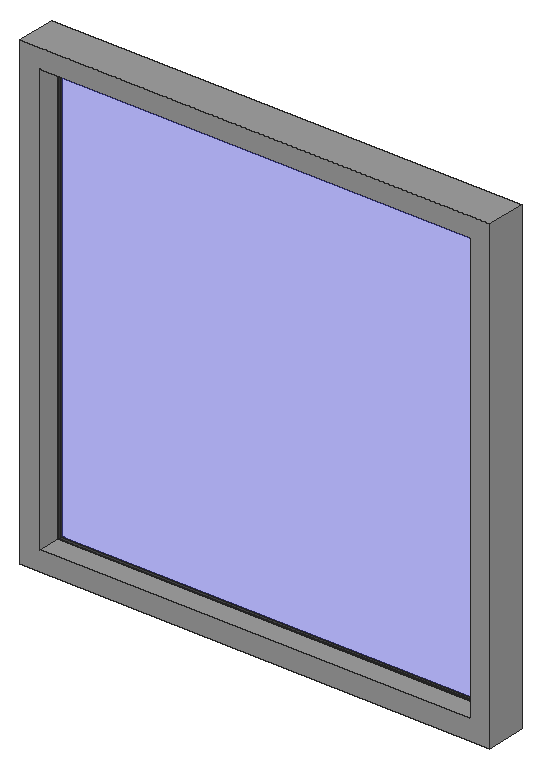
Revit family "ZS-2750 OC001", category Windows, host Wall, Revit 2015
Parameters
  Wall Thickness [instance] = 0' - 6"
  URL = "obe.com"
  Rough Width = Width + 0' 0 1/4"  # 3' - 0 1/4"
  Rough Height = Height + 0' 0 1/4"  # 3' - 0 1/4"
  Offset Limitation [instance] = if((Offset + 0' 3 1/64") > Wall Thickness, (Wall Thickness - 0' 3 1/64"), Offset)  # 0' - 0"
  Offset [instance] = 0' - 0"
  Model = "ZS-2750 OC001"
  Manufacturer = "Oldcastle BuildingEnvelope®"
  Keynote = "08 51 00"
  Height = 3' - 0"
  Glass Material = Glass
  Gasket Material = Gasket
  Frame Material = Aluminum
  Description = "ZERO SIGHTLINE 2750"
  Default Sill Height = 3' - 0"
  Wall Closure = By host
  Width = 3' - 0"
  Construction Type = ""
  Assembly Code = "B2020"
Reference planes (in)
  plane 1 "Center (Front/Back)": y = 0
  plane 2: z = 0
  plane 3 "Center (Left/Right)": x = 0
  plane 4 "Left": x = -18.125
  plane 5 "Right": x = 18.125
  plane 6 "Sill": z = 36
  plane 7 "Top": z = 72.25
  plane 8: x = 18
  plane 9: x = -18
  plane 10: z = 72.125
  plane 11: z = 36.125
  plane 12 "Offset": y = 3
  plane 13: z = 36.656875
  plane 14: z = 71.593125
  plane 15: z = 54.125
Forms (in)
  Sweep 1, solid, material "Aluminum" <- "Frame Material"
    path origin (0, 3, 0) x (-1, 0, 0) y (0, 0, 1)
      loop
        line (18, 72.25) -> (18, 36)
    profile origin (-18, 3, 54.125) x (0, 1, 0) y (-1, 0, 0)
      loop
        line (-3.0158393, 0.125) -> (-3.0158393, -1.389875) -> (-2.6138393, -1.389875) -> (-2.6138393, -0.281) -> (-1.7038393, -0.281) -> (-1.7038393, 0.125) -> (-3.0158393, 0.125)
  Sweep 2, solid, material "Aluminum" <- "Frame Material"
    path origin (0, 3, 0) x (1, 0, 0) y (0, 0, 1)
      loop
        line (18, 72.25) -> (18, 36)
    profile origin (18, 3, 54.125) x (0, 1, 0) y (-1, 0, 0)
      loop
        line (-3.0158393, -0.125) -> (-1.7038393, -0.125) -> (-1.7038393, 0.281) -> (-2.6138393, 0.281) -> (-2.6138393, 1.389875) -> (-3.0158393, 1.389875) -> (-3.0158393, -0.125)
  Sweep 3, solid, material "Aluminum" <- "Frame Material"
    path origin (0, 3, 0) x (-1, 0, 0) y (0, 0, 1)
      loop
        line (-18.125, 72.125) -> (18.125, 72.125)
    profile origin (0, 3, 72.125) x (0, 0, 1) y (0, 1, 0)
      loop
        line (0.125, -3.0158393) -> (0.125, -1.7032049) -> (-0.2813401, -1.7032049) -> (-0.2813401, -2.6138393) -> (-1.389875, -2.6138393) -> (-1.389875, -3.0158393) -> (0.125, -3.0158393)
  Sweep 4, solid, material "Aluminum" <- "Frame Material"
    path origin (0, 3, 127.7706855) x (-1, 0, 0) y (0, 0, -1)
      loop
        line (-18.125, 91.6456855) -> (18.125, 91.6456855)
    profile origin (0, 3, 36.125) x (0, 0, 1) y (0, 1, 0)
      loop
        line (-0.125, -3.0158393) -> (1.389875, -3.0158393) -> (1.389875, -2.6138393) -> (0.281, -2.6138393) -> (0.281, -1.7038393) -> (-0.125, -1.7038393) -> (-0.125, -3.0158393)
  Extrusion 5, solid, material "Glass" <- "Glass Material", detail levels coarse
    sketch origin (0, 0, 36) x (0, -1, 0) y (1, 0, 0)
      loop
        line (-2, 17.468125) -> (-3, 17.468125) -> (-3, -17.468125) -> (-2, -17.468125) -> (-2, 17.468125)
    from 0.656875 to 35.593125
  Sweep 6, solid, material "Gasket" <- "Gasket Material", detail levels fine
    path origin (0, 3, 0) x (-1, 0, 0) y (0, 0, 1)
      loop
        line (-16.610125, 70.735125) -> (-16.610125, 37.514875) -> (16.610125, 37.514875) -> (16.610125, 70.735125) -> (-16.610125, 70.735125)
    profile origin (0, 3, 70.735125) x (0, 0, 1) y (0, 1, 0)
      loop
        line (-0.0099489, -1.25) -> (0.2780511, -1.25) -> (0.1436625, -1.0155)
        arc (0.1436625, -1.0155) -> (0.1323157, -1.0041532) -> (0.1168157, -1) r 0.031
        line (0.1168157, -1) -> (-0.0319113, -1)
        arc (-0.0319113, -1) -> (-0.0556117, -1.0110177) -> (-0.0624653, -1.0362393) r 0.031
        line (-0.0624653, -1.0362393) -> (-0.0498891, -1.2903615)
        arc (-0.0498891, -1.2903615) -> (-0.0357439, -1.312194) -> (-0.0099489, -1.3155644) r 0.031
        line (-0.0099489, -1.3155644) -> (-0.0099489, -1.25)
  Sweep 7, solid, material "Aluminum" <- "Frame Material"
    path origin (0, 3, 0) x (-1, 0, 0) y (0, 0, 1)
      loop
        line (-18.125, 72.25) -> (18.125, 72.25)
    profile origin (0, 3, 72.25) x (0, 0, 1) y (0, 1, 0)
      loop
        line (0, 0) -> (-0.656875, 0) -> (-0.656875, -1.25493) -> (-1.514875, -1.25493) -> (-1.514875, -2.6138393) -> (-1.077875, -2.6138393) -> (-1.077875, -1.7038393) -> (0, -1.7038393) -> (0, 0)
  Sweep 8, solid, material "Aluminum" <- "Frame Material"
    path origin (0, 3, 0) x (-1, 0, 0) y (0, 0, 1)
      loop
        line (-18.125, 36) -> (18.125, 36)
    profile origin (0, 3, 36) x (0, 0, 1) y (0, 1, 0)
      loop
        line (0, 0) -> (0, -1.7038393) -> (1.077875, -1.7038393) -> (1.077875, -2.6138393) -> (1.514875, -2.6138393) -> (1.514875, -1.25493) -> (0.656875, -1.25493) -> (0.656875, 0) -> (0, 0)
  Sweep 9, solid, material "Aluminum" <- "Frame Material"
    path origin (0, 3, 0) x (-1, 0, 0) y (0, 0, 1)
      loop
        line (18.125, 72.25) -> (18.125, 36)
    profile origin (-18.125, 3, 54.125) x (0, 1, 0) y (-1, 0, 0)
      loop
        line (0, -0.656875) -> (0, 0) -> (-1.7038393, 0) -> (-1.7038393, -1.077875) -> (-2.6138393, -1.077875) -> (-2.6138393, -1.514875) -> (-1.25493, -1.514875) -> (-1.25493, -0.656875) -> (0, -0.656875)
  Sweep 10, solid, material "Aluminum" <- "Frame Material"
    path origin (0, 3, 0) x (-1, 0, 0) y (0, 0, 1)
      loop
        line (-18.125, 36) -> (-18.125, 72.25)
    profile origin (18.125, 3, 54.125) x (1, 0, 0) y (0, 1, 0)
      loop
        line (-1.514875, -1.25493) -> (-1.514875, -2.6138393) -> (-1.077875, -2.6138393) -> (-1.077875, -1.7038393) -> (0, -1.7038393) -> (0, 0) -> (-0.656875, 0) -> (-0.656875, -1.25493) -> (-1.514875, -1.25493)
  Extrusion 11, solid, material "Glass" <- "Glass Material", detail levels medium+fine
    sketch origin (0, 0, 36) x (0, -1, 0) y (1, 0, 0)
      loop
        line (-3, -17.468125) -> (-2.75, -17.468125) -> (-2.75, 17.468125) -> (-3, 17.468125) -> (-3, -17.468125)
      loop
        line (-2.2373, -17.468125) -> (-2, -17.468125) -> (-2, 17.468125) -> (-2.2373, 17.468125) -> (-2.2373, -17.468125)
    from 0.656875 to 35.593125
Cuts and joins
  joined: Sweep 1, Sweep 2, Sweep 3, Sweep 4, Sweep 7, Sweep 8, Sweep 9, Sweep 10
Lines and regions (in)
  Opening 1
    outline origin (-60, -3, 0) x (1, 0, 0) y (0, 0, 1)
      loop
        line (41.875, 72.25) -> (41.875, 36) -> (78.125, 36) -> (78.125, 72.25) -> (41.875, 72.25)
  model lines, style "Opening Direction"
    curve 1: line (16.5470135, 3, 70.6720137) -> (-16.5476597, 3, 54.125)
    curve 2: line (-16.5476597, 3, 54.125) -> (16.5470137, 3, 37.5779865)
Text (in)
  text "EXTERIOR" at (-58.6887958, 50.9069435, 0), in view "Ref. Level"
  text "INTERIOR" at (-58.6887958, -52.7663834, 0), in view "Ref. Level"
  text "Exterior" at (0, 43.6563107, 123.1960383), in view "Left"
  text "Exterior" at (0, 18.2938457, 125.0474676), in view "Right"
Dimensions and locks (in)
  equal spacing: plane 4 "Left", plane 3 "Center (Left/Right)", plane 5 "Right"
  "Rough Width": plane 4 "Left" to plane 5 "Right"
  "Rough Height": plane 6 "Sill" to plane 7 "Top"
  "Default Sill Height": plane 2 to plane 6 "Sill"
  locked: plane 6 "Sill" to plane 11 at 0.125
  locked: plane 8 to plane 5 "Right" at 0.125
  "Height": plane 11 to plane 10
  "Width": plane 9 to plane 8
  "Wall Thickness": host wall to host wall
  "Offset Limitation": host wall to plane 12 "Offset"
  locked: plane 14 to plane 10 at 0.531875
  locked: plane 11 to plane 13 at 0.531875
  plane 12 "Offset" to Extrusion 5 sketch curve to Extrusion 5 sketch curve = 0' - 0" locked, 0' - 1" locked
  equal spacing: plane 6 "Sill", plane 15, plane 7 "Top"
  locked: plane 12 "Offset" to Extrusion 11 sketch curve at 0.25
  plane 12 "Offset" to Extrusion 11 sketch curve to Extrusion 11 sketch curve = 0' - 0.7627" locked, 0' - 0.2373" locked
  aligned and locked: plane 7 "Top" to Opening 1 sketch curve
  aligned and locked: plane 6 "Sill" to Opening 1 sketch curve  (x2)
  aligned and locked: plane 5 "Right" to Opening 1 sketch curve
  aligned and locked: plane 4 "Left" to Opening 1 sketch curve
  aligned and locked: level to plane 2
  aligned and locked: nested 2 to plane 11
  aligned and locked: Sweep 1 sketch curve to plane 9
  aligned and locked: Sweep 2 sketch curve to plane 8
  aligned and locked: plane 10 to Sweep 3 sketch curve
  aligned and locked: plane 11 to Sweep 4 sketch curve
  aligned and locked: plane 14 to Extrusion 5
  aligned and locked: Extrusion 5 to plane 13
  aligned and locked: plane 7 "Top" to Sweep 1 sketch curve
  aligned and locked: plane 6 "Sill" to Sweep 1 sketch curve
  aligned and locked: plane 6 "Sill" to Sweep 2 sketch curve
  aligned and locked: plane 7 "Top" to Sweep 2 sketch curve
  aligned and locked: plane 5 "Right" to Sweep 3 sketch curve
  aligned and locked: plane 4 "Left" to Sweep 3 sketch curve
  aligned and locked: plane 4 "Left" to Sweep 4 sketch curve
  aligned and locked: plane 5 "Right" to Sweep 4 sketch curve
  aligned and locked: nested 2 to nested 1
  aligned and locked: nested 2 to plane 12 "Offset"
  aligned and locked: plane 15 to curve 1
  aligned and locked: plane 3 "Center (Left/Right)" to nested 1
  aligned and locked: nested 1 to plane 12 "Offset"
  aligned and locked: plane 7 "Top" to Sweep 7 sketch curve
  aligned and locked: plane 6 "Sill" to Sweep 8 sketch curve
  aligned and locked: Sweep 9 sketch curve to plane 4 "Left"
  aligned and locked: plane 5 "Right" to Sweep 10 sketch curve
  aligned and locked: Extrusion 11 to plane 13
  aligned and locked: plane 14 to Extrusion 11
  aligned and locked: plane 7 "Top" to Sweep 10 sketch curve
  aligned and locked: plane 6 "Sill" to Sweep 10 sketch curve
  aligned and locked: plane 7 "Top" to Sweep 9 sketch curve
  aligned and locked: plane 6 "Sill" to Sweep 9 sketch curve
  aligned and locked: plane 4 "Left" to Sweep 7 sketch curve
  aligned and locked: plane 5 "Right" to Sweep 7 sketch curve
  aligned and locked: plane 4 "Left" to Sweep 8 sketch curve
  aligned and locked: plane 5 "Right" to Sweep 8 sketch curve
Automatic sketch dimensions
  Sweep 1 sketch curve to profile plane = 0' - 0 1/8"
  Sweep 1 sketch curve to plane 12 "Offset" = 0' - 3.01584"
  Sweep 1 sketch curve to Sweep 1 sketch curve = 0' - 0.402"
  Sweep 1 sketch curve to Sweep 1 sketch curve = 0' - 0.91"
  profile plane to Sweep 1 sketch curve = 0' - 0.281"
  Sweep 1 sketch curve to Sweep 1 sketch curve = 0' - 1.10887"
  profile plane to Sweep 2 sketch curve = 0' - 0 1/8"
  Sweep 2 sketch curve to plane 12 "Offset" = 0' - 3.01584"
  Sweep 2 sketch curve to Sweep 2 sketch curve = 0' - 0.402"
  Sweep 2 sketch curve to profile plane = 0' - 0.281"
  Sweep 2 sketch curve to Sweep 2 sketch curve = 0' - 0.91"
  Sweep 2 sketch curve to Sweep 2 sketch curve = 0' - 1.10887"
  profile plane to Sweep 3 sketch curve = 0' - 1.38987"
  profile plane to Sweep 3 sketch curve = 0' - 0.28134"
  Sweep 3 sketch curve to profile plane = 0' - 0 1/8"
  Sweep 3 sketch curve to plane 12 "Offset" = 0' - 3.01584"
  Sweep 3 sketch curve to Sweep 3 sketch curve = 0' - 0.402"
  Sweep 3 sketch curve to Sweep 3 sketch curve = 0' - 0.91063"
  profile plane to Sweep 4 sketch curve = 0' - 0 1/8"
  Sweep 4 sketch curve to profile plane = 0' - 0.281"
  Sweep 4 sketch curve to Sweep 4 sketch curve = 0' - 1.10887"
  Sweep 4 sketch curve to plane 12 "Offset" = 0' - 3.01584"
  Sweep 4 sketch curve to Sweep 4 sketch curve = 0' - 0.402"
  Sweep 4 sketch curve to Sweep 4 sketch curve = 0' - 0.91"
  Extrusion 5 sketch curve to plane 9 = 0' - 0.53187"
  plane 8 to Extrusion 5 sketch curve = 0' - 0.53188"
  plane 8 to Sweep 6 sketch curve = 0' - 1.38987"
  Sweep 6 sketch curve to plane 9 = 0' - 1.38987"
  plane 13 to Sweep 6 sketch curve = 0' - 0.858"
  Sweep 6 sketch curve to plane 14 = 0' - 0.858"
  profile plane to Sweep 6 sketch curve = 0' - 0.06247"
  profile plane to Sweep 6 sketch curve = 0' - 0.04989"
  Sweep 6 sketch curve to Sweep 6 sketch curve = 0' - 0.03055"
  profile plane to Sweep 6 sketch curve = 0' - 0.0192"
  profile plane to Sweep 6 sketch curve = 0' - 0.00995"
  Sweep 6 sketch curve to profile plane = 0' - 0.11682"
  Sweep 6 sketch curve to Sweep 6 sketch curve = 0' - 0.02685"
  Sweep 6 sketch curve to Sweep 6 sketch curve = 0' - 0.13439"
  Sweep 6 sketch curve to plane 12 "Offset" = 0' - 1.31556"
  Sweep 6 sketch curve to Sweep 6 sketch curve = 0' - 0.0252"
  Sweep 6 sketch curve to Sweep 6 sketch curve = 0' - 0.03598"
  Sweep 6 sketch curve to Sweep 6 sketch curve = 0' - 0.21376"
  Sweep 6 sketch curve to Sweep 6 sketch curve = 0' - 0.00524"
  Sweep 6 sketch curve to Sweep 6 sketch curve = 0' - 0.031"
  curve 2 to plane 9 = 0' - 1.45234"
  plane 8 to curve 1 = 0' - 1.45299"
  plane 8 to curve 2 = 0' - 1.45299"
  plane 13 to curve 2 = 0' - 0.92111"
  curve 1 to plane 14 = 0' - 0.92111"
  Sweep 7 sketch curve to plane 12 "Offset" = 0' - 0"
  Sweep 7 sketch curve to Sweep 7 sketch curve = 0' - 0.437"
  Sweep 7 sketch curve to Sweep 7 sketch curve = 0' - 1.07788"
  profile plane to Sweep 7 sketch curve = 0' - 0.65687"
  profile plane to Sweep 7 sketch curve = 0' - 0"
  Sweep 7 sketch curve to plane 12 "Offset" = 0' - 1.25493"
  Sweep 7 sketch curve to Sweep 7 sketch curve = 0' - 0.44891"
  Sweep 7 sketch curve to Sweep 7 sketch curve = 0' - 0.91"
  Sweep 8 sketch curve to plane 12 "Offset" = 0' - 0"
  Sweep 8 sketch curve to Sweep 8 sketch curve = 0' - 0.65688"
  Sweep 8 sketch curve to profile plane = 0' - 1.07788"
  Sweep 8 sketch curve to Sweep 8 sketch curve = 0' - 0.437"
  Sweep 8 sketch curve to plane 12 "Offset" = 0' - 1.25493"
  Sweep 8 sketch curve to Sweep 8 sketch curve = 0' - 0.44891"
  Sweep 8 sketch curve to Sweep 8 sketch curve = 0' - 0.91"
  Sweep 9 sketch curve to plane 12 "Offset" = 0' - 0"
  Sweep 9 sketch curve to plane 12 "Offset" = 0' - 1.25493"
  Sweep 9 sketch curve to Sweep 9 sketch curve = 0' - 0.44891"
  Sweep 9 sketch curve to Sweep 9 sketch curve = 0' - 0.91"
  Sweep 9 sketch curve to Sweep 9 sketch curve = 0' - 0.65687"
  profile plane to Sweep 9 sketch curve = 0' - 1.07788"
  Sweep 9 sketch curve to Sweep 9 sketch curve = 0' - 0.437"
  Sweep 10 sketch curve to plane 12 "Offset" = 0' - 0"
  Sweep 10 sketch curve to Sweep 10 sketch curve = 0' - 0.437"
  profile plane to Sweep 10 sketch curve = 0' - 0.65687"
  profile plane to Sweep 10 sketch curve = 0' - 0"
  Sweep 10 sketch curve to plane 12 "Offset" = 0' - 1.25493"
  Sweep 10 sketch curve to Sweep 10 sketch curve = 0' - 0.44891"
  Sweep 10 sketch curve to Sweep 10 sketch curve = 0' - 0.91"
  Extrusion 11 sketch curve to plane 12 "Offset" = 0' - 0"
  Extrusion 11 sketch curve to plane 9 = 0' - 0.53187"  (x2)
  plane 8 to Extrusion 11 sketch curve = 0' - 0.53187"  (x2)
  Sweep 8 sketch curve to Sweep 8 sketch curve = 0' - 0.421"
  Sweep 9 sketch curve to profile plane = 0' - 0"
  Sweep 10 sketch curve to Sweep 10 sketch curve = 0' - 1.07788"
Nested families (in)
  nested 1: "ZS-2750-Plan View" at (0, 3, 0), Default Sill Height <- "Default Sill Height", Height <- "Height", Width <- "Width", type "ZS-2750-Plan View"
    with Width 3' - 0", Height 3' - 0", Default Sill Height 3' - 0"
  nested 2: "ZS-2750-Section Operable" at (0, 3, 0.125), Default Sill Height <- "Default Sill Height", Height <- "Height", Width <- "Width", type "ZS-2750-Section Operable"
    with Width 3' - 0", Height 3' - 0", Default Sill Height 3' - 0"
Definition of nested family "ZS-2750-Plan View"
  Parameters (values of type "ZS-2750-Plan View")
    Width [instance] = 3' - 0"
    Height [instance] = 4' - 0"
    Default Sill Height [instance] = 3' - 0"
    Analytic Construction = "<None>"
  Reference planes (in)
    plane 1 "Center (Front/Back)": y = 0
    plane 2: z = 0
    plane 3 "Center (Left/Right)": x = 0
    plane 4: z = 36
  Lines and regions (in)
    model lines, not visible
      curve 1: line (0, 0, 84) -> (0, 0, 36)
  Dimensions and locks (in)
    "Default Sill Height": plane 4 to plane 2
    "Height": curve 1 to plane 4
    aligned and locked: plane 2 to level
    aligned and locked: plane 3 "Center (Left/Right)" to nested 1
    aligned and locked: plane 4 to curve 1
    aligned and locked: curve 1 to plane 1 "Center (Front/Back)"
    aligned and locked: plane 1 "Center (Front/Back)" to nested 1
  Nested families (in)
    nested 1: "ZS-2750-Plan View" at (-18, 0, 0), Width <- "Width", type "ZS-2750-Plan View"
      with Width 3' - 0"
  Definition of nested family "ZS-2750-Plan View"
    Parameters (values of type "ZS-2750-Plan View")
      Width [instance] = 3' - 0"
    Reference planes (in)
      plane 1 "Center (Front/Back)": y = 0
      plane 2: z = 0
      plane 3 "C": x = 0
      plane 4: x = 36
      plane 5: x = 0.531875
      plane 6: x = 35.468125
      plane 7 "Center (Left/Right)": x = 18
    Lines and regions (in)
      detail lines, in view "Ref. Level"
        curve 1: line (0.531875, 0, 0) -> (35.468125, 0, 0)
        curve 2: line (0.531875, -1, 0) -> (35.468125, -1, 0)
      detail lines, in view "Ref. Level", detail levels medium+fine
        curve 3: line (0.531875, -0.25, 0) -> (35.468125, -0.25, 0)
        curve 4: line (0.531875, -0.7627, 0) -> (35.468125, -0.7627, 0)
      detail lines, in view "Ref. Level", detail levels fine
        curve 5: line (0.531875, -0.06, 0) -> (35.468125, -0.06, 0)
        curve 6: line (0.531875, -0.12, 0) -> (35.468125, -0.12, 0)
        curve 7: line (0.531875, -0.18, 0) -> (35.468125, -0.18, 0)
        curve 8: line (0.531875, -0.8227, 0) -> (35.468125, -0.8227, 0)
        curve 9: line (0.531875, -0.8827, 0) -> (35.468125, -0.8827, 0)
        curve 10: line (0.531875, -0.9427, 0) -> (35.468125, -0.9427, 0)
    Dimensions and locks (in)
      locked: plane 6 to plane 4 at 0.531875
      locked: plane 3 "C" to plane 5 at 0.531875
      "Width": plane 3 "C" to plane 4
      equal spacing: plane 3 "C", plane 7 "Center (Left/Right)", plane 4
      aligned and locked: nested 1 to plane 4
      aligned and locked: nested 2 to plane 3 "C"
      aligned and locked: nested 2 to plane 1 "Center (Front/Back)"
      aligned and locked: nested 1 to plane 1 "Center (Front/Back)"
      aligned and locked: plane 5 to curve 1
      aligned and locked: plane 5 to curve 5
      aligned and locked: plane 5 to curve 6
      aligned and locked: plane 5 to curve 7
      aligned and locked: plane 5 to curve 3
      aligned and locked: plane 5 to curve 10
      aligned and locked: plane 5 to curve 2
      aligned and locked: plane 5 to curve 4
      aligned and locked: plane 5 to curve 8
      aligned and locked: plane 5 to curve 9
      aligned and locked: plane 6 to curve 1
      aligned and locked: plane 6 to curve 5
      aligned and locked: plane 6 to curve 6
      aligned and locked: plane 6 to curve 7
      aligned and locked: plane 6 to curve 3
      aligned and locked: plane 6 to curve 4
      aligned and locked: plane 6 to curve 8
      aligned and locked: plane 6 to curve 9
      aligned and locked: plane 6 to curve 10
    Automatic sketch dimensions
      curve 2 to plane 6 = 0' - 0"
      plane 1 "Center (Front/Back)" to curve 1 = 0' - 0"
      plane 1 "Center (Front/Back)" to curve 5 = 0' - 0.06"
      curve 6 to curve 5 = 0' - 0.06"
      curve 7 to curve 6 = 0' - 0.06"
      curve 3 to curve 7 = 0' - 0.07"
      curve 4 to curve 3 = 0' - 0.5127"
      curve 8 to curve 4 = 0' - 0.06"
      curve 9 to curve 8 = 0' - 0.06"
      curve 10 to curve 9 = 0' - 0.06"
      curve 2 to curve 10 = 0' - 0.0573"
    Nested families (in)
      nested 1: "ZS-2750-JAMB L" at (36, 0, 0) x (-1, 0, 0) z (0, 0, 1), type "ZS-2750-JAMB L", in view "Ref. Level"
      nested 2: "ZS-2750-JAMB R" at (0, 0, 0) x (-1, 0, 0) z (0, 0, 1), type "ZS-2750-JAMB R", in view "Ref. Level"
    Definition of nested family "ZS-2750-JAMB L"
      Reference planes (in)
        plane 1 "Center (Front/Back)": y = 0
        plane 2: z = 0
        plane 3 "Center (Left/Right)": x = 0
      Lines and regions (in)
        detail lines, in view "Ref. Level"
          curve 1: line (1.389875, 3.0158393, 0) -> (-0.125, 3.0158393, 0)
          curve 2: line (-0.125, 3.0158393, 0) -> (-0.125, 0, 0)
          curve 3: line (-0.125, 0, 0) -> (0.531875, 0, 0)
          curve 4: line (0.531875, 0, 0) -> (0.531875, 1, 0)
          curve 5: line (0.531875, 1, 0) -> (1.389875, 1, 0)
          curve 6: line (1.389875, 1, 0) -> (1.389875, 3.0158393, 0)
    Definition of nested family "ZS-2750-JAMB R"
      Reference planes (in)
        plane 1 "Center (Front/Back)": y = 0
        plane 2: z = 0
        plane 3 "Center (Left/Right)": x = 0
      Lines and regions (in)
        detail lines, in view "Ref. Level"
          curve 1: line (-1.389875, 3.0158393, 0) -> (0.125, 3.0158393, 0)
          curve 2: line (0.125, 3.0158393, 0) -> (0.125, 0, 0)
          curve 3: line (0.125, 0, 0) -> (-0.531875, 0, 0)
          curve 4: line (-0.531875, 0, 0) -> (-0.531875, 1, 0)
          curve 5: line (-0.531875, 1, 0) -> (-1.389875, 1, 0)
          curve 6: line (-1.389875, 1, 0) -> (-1.389875, 3.0158393, 0)
Definition of nested family "ZS-2750-Section Operable"
  Parameters (values of type "ZS-2750-Section Operable")
    Width [instance] = 3' - 0"
    Height [instance] = 4' - 0"
    Default Sill Height [instance] = 2' - 5.21443"
    Analytic Construction = "<None>"
  Reference planes (in)
    plane 1 "Center (Front/Back)": y = 0
    plane 2: z = 0
    plane 3 "Center (Left/Right)": x = 0
    plane 4: z = 29.2144347
  Lines and regions (in)
    model lines, not visible
      curve 1: line (-18, 0, 0) -> (18, 0, 0)
  Dimensions and locks (in)
    "Default Sill Height": plane 4 to plane 2
    equal spacing: curve 1, plane 3 "Center (Left/Right)", curve 1
    "Width": curve 1 to curve 1
    aligned and locked: plane 2 to level
    aligned and locked: plane 1 "Center (Front/Back)" to curve 1
    aligned and locked: nested 1 to plane 1 "Center (Front/Back)"
    aligned and locked: plane 4 to nested 1
  Nested families (in)
    nested 1: "ZSL-2750-Section Operable" at (0, 0, 77.2144347) x (0, -1, 0) z (1, 0, 0), Height <- "Height", type "ZSL-2750-Section Operable"
      with Height 4' - 0"
  Definition of nested family "ZSL-2750-Section Operable"
    Parameters (values of type "ZSL-2750-Section Operable")
      Height [instance] = 4' - 0"
    Reference planes (in)
      plane 1 "Center (Front/Back)": y = 0
      plane 2: z = 0
      plane 3 "Center (Left/Right)": x = 0
      plane 4: y = -48
      plane 5: y = -0.531875
      plane 6: y = -47.468125
    Lines and regions (in)
      detail lines, in view "Ref. Level"
        curve 1: line (0, -0.531875, 0) -> (0, -47.468125, 0)
        curve 10: line (1, -0.531875, 0) -> (1, -47.468125, 0)
      detail lines, in view "Ref. Level", detail levels fine
        curve 2: line (0.0573, -0.531875, 0) -> (0.0573, -47.468125, 0)
        curve 3: line (0.1173, -0.531875, 0) -> (0.1173, -47.468125, 0)
        curve 4: line (0.1773, -0.531875, 0) -> (0.1773, -47.468125, 0)
        curve 7: line (0.82, -0.531875, 0) -> (0.82, -47.468125, 0)
        curve 8: line (0.88, -0.531875, 0) -> (0.88, -47.468125, 0)
        curve 9: line (0.94, -0.531875, 0) -> (0.94, -47.468125, 0)
      detail lines, in view "Ref. Level", detail levels medium+fine
        curve 5: line (0.2373, -0.531875, 0) -> (0.2373, -47.468125, 0)
        curve 6: line (0.75, -0.531875, 0) -> (0.75, -47.468125, 0)
    Dimensions and locks (in)
      "Height": plane 4 to plane 1 "Center (Front/Back)"
      locked: plane 5 to plane 1 "Center (Front/Back)" at 0.531875
      locked: plane 4 to plane 6 at 0.531875
      aligned and locked: plane 1 "Center (Front/Back)" to nested 1
      aligned and locked: plane 4 to nested 2
      aligned and locked: plane 3 "Center (Left/Right)" to nested 2
      aligned and locked: plane 3 "Center (Left/Right)" to nested 1
      aligned and locked: plane 5 to curve 1
      aligned and locked: plane 5 to curve 2
      aligned and locked: plane 5 to curve 3
      aligned and locked: plane 5 to curve 4
      aligned and locked: plane 5 to curve 5
      aligned and locked: plane 5 to curve 6
      aligned and locked: plane 5 to curve 7
      aligned and locked: plane 5 to curve 8
      aligned and locked: plane 5 to curve 9
      aligned and locked: plane 5 to curve 10
      aligned and locked: plane 6 to curve 1
      aligned and locked: plane 6 to curve 2
      aligned and locked: plane 6 to curve 3
      aligned and locked: plane 6 to curve 4
      aligned and locked: plane 6 to curve 5
      aligned and locked: plane 6 to curve 6
      aligned and locked: plane 6 to curve 7
      aligned and locked: plane 6 to curve 8
      aligned and locked: plane 6 to curve 9
      aligned and locked: plane 6 to curve 10
    Automatic sketch dimensions
      plane 3 "Center (Left/Right)" to curve 1 = 0' - 0"
      curve 1 to curve 2 = 0' - 0.0573"
      curve 2 to curve 3 = 0' - 0.06"
      curve 3 to curve 4 = 0' - 0.06"
      curve 4 to curve 5 = 0' - 0.06"
      curve 5 to curve 6 = 0' - 0.5127"
      curve 6 to curve 7 = 0' - 0.07"
      curve 7 to curve 8 = 0' - 0.06"
      curve 8 to curve 9 = 0' - 0.06"
      curve 9 to curve 10 = 0' - 0.06"
    Nested families (in)
      nested 1: "ZSL-2750-HEAD" at (0, 0, 0), type "ZSL-2750-HEAD", in view "Ref. Level"
      nested 2: "ZSL-2750-SILL" at (0, -48, 0), type "ZSL-2750-SILL", in view "Ref. Level"
    Definition of nested family "ZSL-2750-HEAD"
      Reference planes (in)
        plane 1 "Center (Front/Back)": y = 0
        plane 2: z = 0
        plane 3 "Center (Left/Right)": x = 0
      Lines and regions (in)
        detail lines, in view "Ref. Level"
          curve 1: line (1, -1.389875, 0) -> (3.0158393, -1.389875, 0)
          curve 2: line (3.0158393, -1.389875, 0) -> (3.0158393, 0.125, 0)
          curve 3: line (3.0158393, 0.125, 0) -> (0, 0.125, 0)
          curve 4: line (0, 0.125, 0) -> (0, -0.531875, 0)
          curve 5: line (0, -0.531875, 0) -> (1, -0.531875, 0)
          curve 6: line (1, -0.531875, 0) -> (1, -1.389875, 0)
    Definition of nested family "ZSL-2750-SILL"
      Reference planes (in)
        plane 1 "Center (Front/Back)": y = 0
        plane 2: z = 0
        plane 3 "Center (Left/Right)": x = 0
      Lines and regions (in)
        detail lines, in view "Ref. Level"
          curve 1: line (1, 1.389875, 0) -> (3.0158393, 1.389875, 0)
          curve 2: line (3.0158393, 1.389875, 0) -> (3.0158393, -0.125, 0)
          curve 3: line (3.0158393, -0.125, 0) -> (0, -0.125, 0)
          curve 4: line (0, -0.125, 0) -> (0, 0.531875, 0)
          curve 5: line (0, 0.531875, 0) -> (1, 0.531875, 0)
          curve 6: line (1, 0.531875, 0) -> (1, 1.389875, 0)
